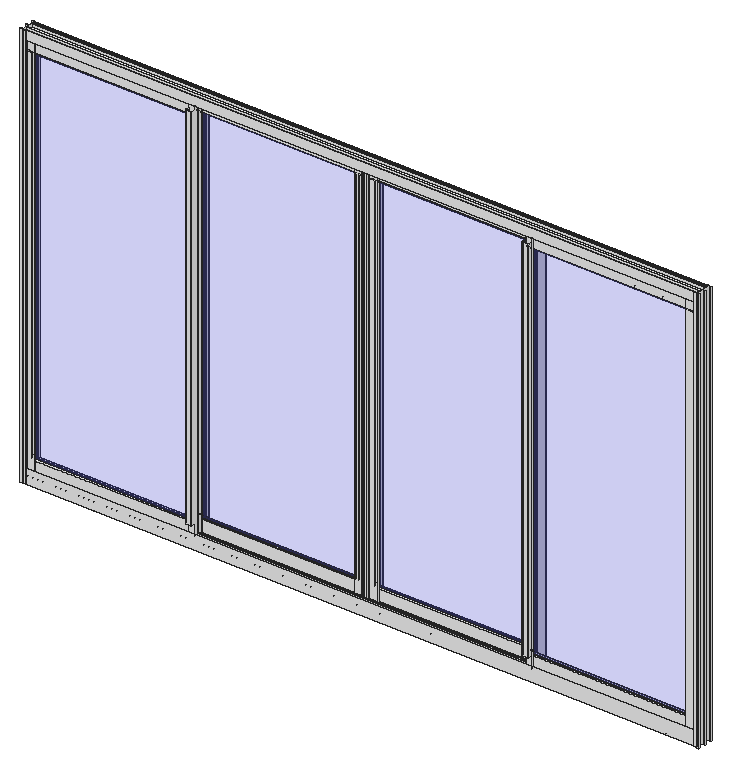
Revit family "Elite_XXXX_Standard", category Windows, host Wall, Revit 2014 (continued)
Definition of nested family "Elite_Sash_Outer"
  Definition of nested family "Elite_Lock_Stile"
    Forms (mm)
      Extrusion 3, void
        sketch origin (13, 14.5, 0) x (1, 0, 0) y (0, 0, 1)
          loop
            line (6.5, 250) -> (-6.5, 250) -> (-6.5, 224) -> (6.5, 224) -> (6.5, 250)
          loop
            line (6.5, 0) -> (6.5, 26) -> (-6.5, 26) -> (-6.5, 0) -> (6.5, 0)
        from 0 to 250
    Cuts and joins
      Extrusion 2, Extrusion 3 cuts Extrusion 1
    Dimensions and locks
      "Height Large Cut": Extrusion 2 sketch curve to Extrusion 2 sketch curve  (x2)
      "Height Rail Cut": Extrusion 3 sketch curve to Extrusion 3 sketch curve  (x2)
      "Width Rail Cut": Extrusion 3 sketch curve to Extrusion 3 sketch curve  (x2)
      "Side Gap Rail Cut": Extrusion 3 sketch curve to cut or joined group of Extrusion 1, Extrusion 2, Extrusion 3  (x2)
      aligned and locked: level to plane 2
      aligned and locked: Extrusion 1 to Extrusion 2 sketch curve  (x2)
      aligned and locked: Extrusion 2 sketch curve to Extrusion 1  (x4)
      aligned and locked: Extrusion 3 sketch curve to cut or joined group of Extrusion 1, Extrusion 2, Extrusion 3
      aligned and locked: cut or joined group of Extrusion 1, Extrusion 2, Extrusion 3 to Extrusion 3 sketch curve
    Automatic sketch dimensions
      Extrusion 1 sketch curve to plane 3 "Center (Left/Right)" = 0 mm
      plane 1 "Center (Front/Back)" to Extrusion 1 sketch curve = 0 mm  (x2)
      plane 3 "Center (Left/Right)" to Extrusion 1 sketch curve = 1.2 mm
      plane 3 "Center (Left/Right)" to Extrusion 1 sketch curve = 1.5 mm  (x2)
      Extrusion 1 sketch curve to Extrusion 1 sketch curve = 0 mm  (x4)
      Extrusion 1 sketch curve to Extrusion 1 sketch curve = 0.3 mm  (x2)
      Extrusion 1 sketch curve to Extrusion 1 sketch curve = 1.3 mm  (x2)
      Extrusion 1 sketch curve to Extrusion 1 sketch curve = 1 mm  (x4)
      Extrusion 1 sketch curve to Extrusion 1 sketch curve = 5 mm  (x4)
      Extrusion 1 sketch curve to Extrusion 1 sketch curve = 1.5 mm  (x6)
      Extrusion 1 sketch curve to plane 1 "Center (Front/Back)" = 2.4 mm
      Extrusion 1 sketch curve to Extrusion 1 sketch curve = 19 mm
      Extrusion 1 sketch curve to Extrusion 1 sketch curve = 2 mm
      Extrusion 1 sketch curve to Extrusion 1 sketch curve = 1.2 mm  (x6)
      Extrusion 1 sketch curve to plane 1 "Center (Front/Back)" = 1.2 mm  (x2)
      Extrusion 1 sketch curve to Extrusion 1 sketch curve = 5.2 mm  (x2)
      Extrusion 1 sketch curve to Extrusion 1 sketch curve = 3 mm
      Extrusion 1 sketch curve to Extrusion 1 sketch curve = 20 mm
      Extrusion 1 sketch curve to Extrusion 1 sketch curve = 7 mm  (x2)
      Extrusion 1 sketch curve to Extrusion 1 sketch curve = 4.5 mm  (x2)
      Extrusion 1 sketch curve to Extrusion 1 sketch curve = 0.8 mm  (x2)
  Definition of nested family "Elite_Interlocker"
    Parameters (values of type "Elite_Interlocker")
      Rail Cut Width = 13 mm  # constant formula
      Rail Cut Side Spacing = 5 mm  # constant formula
      Rail Cut Height = 26 mm  # constant formula
      Profile Material [instance] = none
      Length Interlocker [instance] = 250 mm
      Large Cut Height = 55 mm  # constant formula
    Reference planes
      plane 1 "Center (Front/Back)": y = 0
      plane 2: z = 0
      plane 3 "Center (Left/Right)": x = 0
    Forms (mm)
      Extrusion 1, solid, material <- "Profile Material"
        sketch origin (0, 0, 0) x (1, 0, 0) y (0, 1, 0)
          loop
            line (6.916, 36.467) -> (6.916, 6.667) -> (39.416, 6.667) -> (39.416, 9.551) -> (38.416, 9.551) -> (38.416, 8.167) -> (37.116, 8.167) -> (37.116, 9.551) -> (36.116, 9.551) -> (36.116, 8.167) -> (32.916, 8.167) -> (32.916, 15.167) -> (36.116, 15.167) -> (36.116, 13.78) -> (37.116, 13.78) -> (37.116, 15.167) -> (38.416, 15.167) -> (38.416, 13.78) -> (39.416, 13.78) -> (39.416, 25.167)
            arc (39.416, 25.167) -> (38.973, 25.663) -> (38.429, 25.28) r 0.5
            line (38.429, 25.28) -> (36.426, 16.667) -> (32.916, 16.667) -> (32.916, 36.467) -> (31.416, 36.467) -> (31.416, 35.667) -> (24.916, 35.667) -> (24.916, 29.667) -> (26.416, 29.667) -> (26.416, 34.167) -> (31.416, 34.167) -> (31.416, 22.667) -> (19.916, 22.667) -> (8.416, 22.667) -> (8.416, 34.167) -> (13.416, 34.167) -> (13.416, 29.667) -> (14.916, 29.667) -> (14.916, 35.667) -> (8.416, 35.667) -> (8.416, 36.467) -> (6.916, 36.467)
          loop
            line (8.416, 21.167) -> (8.416, 8.167) -> (31.416, 8.167) -> (31.416, 21.167) -> (19.916, 21.167) -> (8.416, 21.167)
        from 0 to 250 <- "Length Interlocker"
      Extrusion 2, void
        sketch origin (14.616, 35.667, 0) x (1, 0, 0) y (0, 0, 1)
          loop
            line (11.8, 250) -> (-1.2, 250) -> (-1.2, 224) -> (11.8, 224) -> (11.8, 250)
          loop
            line (-1.2, 0) -> (11.8, 0) -> (11.8, 26) -> (-1.2, 26) -> (-1.2, 0)
        from 0 to 250
      Extrusion 3, void
        sketch origin (31.316, 35.667, 0) x (1, 0, 0) y (0, 0, 1)
          loop
            line (0.1, 250) -> (-22.9, 250) -> (-22.9, 195) -> (0.1, 195) -> (0.1, 250)
          loop
            line (-22.9, 0) -> (0.1, 0) -> (0.1, 55) -> (-22.9, 55) -> (-22.9, 0)
        from 0 to 25
    Cuts and joins
      Extrusion 2, Extrusion 3 cuts Extrusion 1
    Dimensions and locks
      "Rail Cut Width": Extrusion 2 sketch curve to Extrusion 2 sketch curve  (x2)
      "Rail Cut Side Spacing": Extrusion 2 sketch curve to Extrusion 1  (x2)
      "Rail Cut Height": Extrusion 2 sketch curve to Extrusion 2 sketch curve  (x2)
      "Large Cut Height": Extrusion 3 sketch curve to Extrusion 3 sketch curve  (x2)
      aligned and locked: level to plane 2
      aligned and locked: Extrusion 1 to Extrusion 2 sketch curve  (x2)
      aligned and locked: Extrusion 3 sketch curve to cut or joined group of Extrusion 1, Extrusion 2, Extrusion 3  (x4)
      aligned and locked: cut or joined group of Extrusion 1, Extrusion 2, Extrusion 3 to Extrusion 3 sketch curve  (x2)
    Automatic sketch dimensions
      plane 3 "Center (Left/Right)" to Extrusion 1 sketch curve = 6.916 mm
      plane 3 "Center (Left/Right)" to Extrusion 1 sketch curve = 8.416 mm
      Extrusion 1 sketch curve to Extrusion 1 sketch curve = 1.5 mm  (x11)
      Extrusion 1 sketch curve to Extrusion 1 sketch curve = 0 mm  (x6)
      Extrusion 1 sketch curve to Extrusion 1 sketch curve = 5 mm  (x4)
      Extrusion 1 sketch curve to Extrusion 1 sketch curve = 3.2 mm  (x2)
      Extrusion 1 sketch curve to Extrusion 1 sketch curve = 0.31 mm
      Extrusion 1 sketch curve to Extrusion 1 sketch curve = 1 mm  (x4)
      Extrusion 1 sketch curve to Extrusion 1 sketch curve = 1.3 mm  (x2)
      Extrusion 1 sketch curve to Extrusion 1 sketch curve = 7.013 mm
      Extrusion 1 sketch curve to Extrusion 1 sketch curve = 0.487 mm
      Extrusion 1 sketch curve to plane 1 "Center (Front/Back)" = 6.667 mm
      Extrusion 1 sketch curve to Extrusion 1 sketch curve = 1.384 mm  (x2)
      Extrusion 1 sketch curve to Extrusion 1 sketch curve = 4.229 mm
      Extrusion 1 sketch curve to Extrusion 1 sketch curve = 1.387 mm  (x2)
      Extrusion 1 sketch curve to Extrusion 1 sketch curve = 13 mm
      Extrusion 1 sketch curve to Extrusion 1 sketch curve = 2.5 mm
      Extrusion 1 sketch curve to Extrusion 1 sketch curve = 7 mm  (x2)
      Extrusion 1 sketch curve to Extrusion 1 sketch curve = 4.5 mm  (x2)
      Extrusion 1 sketch curve to Extrusion 1 sketch curve = 0.8 mm  (x2)
  Definition of nested family "Elite_Sash_Top"
    Parameters (values of type "Elite_Sash_Top")
      Profile Material [instance] = none
      Length Sash Top [instance] = 250 mm
    Reference planes
      plane 1 "Center (Front/Back)": y = 0
      plane 2: z = 0
      plane 3 "Center (Left/Right)": x = 0
    Forms (mm)
      Extrusion 1, solid, material <- "Profile Material"
        sketch origin (0, -88.953, -123.01) x (0, 1, 0) y (0, 0, 1)
          loop
            line (92.953, 217.01) -> (95.303, 217.01) -> (95.303, 223.01) -> (93.853, 223.01) -> (93.853, 218.46) -> (92.953, 218.46)
            arc (92.953, 218.46) -> (91.15, 219.207) -> (90.403, 221.01) r 2.55
            line (90.403, 221.01) -> (90.403, 230.06) -> (110.203, 230.06) -> (110.203, 221.01)
            arc (110.203, 221.01) -> (109.456, 219.207) -> (107.653, 218.46) r 2.55
            line (107.653, 218.46) -> (106.753, 218.46) -> (106.753, 223.01) -> (105.303, 223.01) -> (105.303, 217.01) -> (107.653, 217.01)
            arc (107.653, 217.01) -> (110.482, 218.181) -> (111.653, 221.01) r 4
            line (111.653, 221.01) -> (111.653, 271.01) -> (107.403, 271.01) -> (107.403, 268.61) -> (108.603, 268.61) -> (108.603, 269.81) -> (110.203, 269.81) -> (110.203, 262.21) -> (108.603, 262.21) -> (108.603, 263.41) -> (107.403, 263.41) -> (107.403, 261.01) -> (110.203, 261.01) -> (110.203, 231.51) -> (90.403, 231.51) -> (90.403, 261.01) -> (93.203, 261.01) -> (93.203, 263.41) -> (92.003, 263.41) -> (92.003, 262.21) -> (90.403, 262.21) -> (90.403, 269.81) -> (92.003, 269.81) -> (92.003, 268.61) -> (93.203, 268.61) -> (93.203, 271.01) -> (88.953, 271.01) -> (88.953, 221.01)
            arc (88.953, 221.01) -> (90.125, 218.181) -> (92.953, 217.01) r 4
        from 0 to 250 <- "Length Sash Top"
    Dimensions and locks
      aligned and locked: level to plane 2
  Definition of nested family "Elite_Sash_Bottom"
    Parameters (values of type "Elite_Sash_Bottom")
      Profile Material [instance] = none
      Length Sash Bottom [instance] = 250 mm
    Reference planes
      plane 1 "Center (Front/Back)": y = 0
      plane 2: z = 0
      plane 3 "Center (Left/Right)": x = 0
    Forms (mm)
      Extrusion 1, solid, material <- "Profile Material"
        sketch origin (0, -88.953, -123.01) x (0, 1, 0) y (0, 0, 1)
          loop
            arc (92.953, 177.01) -> (90.125, 175.838) -> (88.953, 173.01) r 4
            line (88.953, 173.01) -> (88.953, 123.01) -> (93.203, 123.01) -> (93.203, 125.41) -> (92.003, 125.41) -> (92.003, 124.21) -> (90.403, 124.21) -> (90.403, 131.81) -> (92.003, 131.81) -> (92.003, 130.61) -> (93.203, 130.61) -> (93.203, 133.01) -> (90.403, 133.01) -> (90.403, 162.51) -> (110.203, 162.51) -> (110.203, 133.01) -> (107.403, 133.01) -> (107.403, 130.61) -> (108.603, 130.61) -> (108.603, 131.81) -> (110.203, 131.81) -> (110.203, 124.21) -> (108.603, 124.21) -> (108.603, 125.41) -> (107.403, 125.41) -> (107.403, 123.01) -> (111.653, 123.01) -> (111.653, 173.01)
            arc (111.653, 173.01) -> (110.482, 175.838) -> (107.653, 177.01) r 4
            line (107.653, 177.01) -> (105.303, 177.01) -> (105.303, 171.01) -> (106.753, 171.01) -> (106.753, 175.56) -> (107.653, 175.56)
            arc (107.653, 175.56) -> (109.456, 174.813) -> (110.203, 173.01) r 2.55
            line (110.203, 173.01) -> (110.203, 163.96) -> (90.403, 163.96) -> (90.403, 173.01)
            arc (90.403, 173.01) -> (91.15, 174.813) -> (92.953, 175.56) r 2.55
            line (92.953, 175.56) -> (93.853, 175.56) -> (93.853, 171.01) -> (95.303, 171.01) -> (95.303, 177.01) -> (92.953, 177.01)
        from 0 to 250 <- "Length Sash Bottom"
    Dimensions and locks
      aligned and locked: level to plane 2
  Definition of nested family "Elite_Heavy_Duty_Interlocker_Outside"
    Parameters (values of type "Elite_Heavy_Duty_Interlocker_Outside")
      Side Cut Width = 20 mm  # constant formula
      Side Cut Height Top = 26 mm  # constant formula
      Profile Material [instance] = none
      Length Heavy Duty Interlocker [instance] = 250 mm
      Large Cut Height = 55 mm  # constant formula
      Cut Width = 13 mm  # constant formula
      Cut Side Spacing = 5 mm  # constant formula
      Cut Height = 26 mm  # constant formula
    Reference planes
      plane 1 "Center (Front/Back)": y = 0
      plane 2: z = 0
      plane 3 "Center (Left/Right)": x = 0
    Forms (mm)
      Extrusion 1, solid, material <- "Profile Material"
        sketch origin (0, 0, 0) x (1, 0, 0) y (0, 1, 0)
          loop
            arc (4, 27.5) -> (2.232, 26.768) -> (1.5, 25) r 2.5
            line (1.5, 25) -> (1.5, 4)
            arc (1.5, 4) -> (2.232, 2.232) -> (4, 1.5) r 2.5
            line (4, 1.5) -> (20, 1.5) -> (20, 27.5) -> (4, 27.5)
          loop
            line (21.5, 14.5) -> (21.5, 1.5) -> (33, 1.5) -> (44.5, 1.5) -> (44.5, 14.5) -> (33, 14.5) -> (21.5, 14.5)
          loop
            line (46, 10) -> (46, 29.8) -> (44.5, 29.8) -> (44.5, 29) -> (38, 29) -> (38, 23) -> (39.5, 23) -> (39.5, 27.5) -> (44.5, 27.5) -> (44.5, 16) -> (33, 16) -> (21.5, 16) -> (21.5, 27.5) -> (26.5, 27.5) -> (26.5, 23) -> (28, 23) -> (28, 29) -> (21.5, 29) -> (21.5, 29.8) -> (20, 29.8) -> (20, 29) -> (4, 29)
            arc (4, 29) -> (1.172, 27.828) -> (0, 25) r 4
            line (0, 25) -> (0, 4)
            arc (0, 4) -> (1.172, 1.172) -> (4, 0) r 4
            line (4, 0) -> (52.5, 0) -> (52.5, 2.866) -> (51.5, 2.866) -> (51.5, 1.5) -> (50.2, 1.5) -> (50.2, 2.866) -> (49.2, 2.866) -> (49.2, 1.5) -> (46, 1.5) -> (46, 8.5) -> (49.2, 8.5) -> (49.2, 7.121) -> (50.2, 7.121) -> (50.2, 8.5) -> (51.5, 8.5) -> (51.5, 7.121) -> (52.5, 7.121) -> (52.5, 18.5)
            arc (52.5, 18.5) -> (52.057, 18.997) -> (51.513, 18.613) r 0.5
            line (51.513, 18.613) -> (49.51, 10) -> (46, 10)
        from 0 to 250 <- "Length Heavy Duty Interlocker"
      Extrusion 2, void
        sketch origin (44.4, 29, 0) x (1, 0, 0) y (0, 0, 1)
          loop
            line (-4.9, 250) -> (-17.9, 250) -> (-17.9, 224) -> (-4.9, 224) -> (-4.9, 250)
          loop
            line (-4.9, 0) -> (-4.9, 26) -> (-17.9, 26) -> (-17.9, 0) -> (-4.9, 0)
        from 0 to 250
      Extrusion 3, void
        sketch origin (44.4, 29, 0) x (1, 0, 0) y (0, 0, 1)
          loop
            line (0.1, 250) -> (-22.9, 250) -> (-22.9, 195) -> (0.1, 195) -> (0.1, 250)
          loop
            line (0.1, 0) -> (0.1, 55) -> (-22.9, 55) -> (-22.9, 0) -> (0.1, 0)
        from 0 to 25
      Extrusion 4, void
        sketch origin (19.7, 29, 0) x (1, 0, 0) y (0, 0, 1)
          loop
            line (0.3, 250) -> (-19.7, 250) -> (-19.7, 224) -> (0.3, 224) -> (0.3, 250)
        from 0 to 250
    Cuts and joins
      Extrusion 2, Extrusion 3, Extrusion 4 cuts Extrusion 1
    Dimensions and locks
      "Cut Width": Extrusion 2 sketch curve to Extrusion 2 sketch curve  (x2)
      "Cut Side Spacing": Extrusion 2 sketch curve to Extrusion 1  (x2)
      "Cut Height": Extrusion 2 sketch curve to Extrusion 2 sketch curve  (x2)
      "Large Cut Height": Extrusion 3 sketch curve to Extrusion 3 sketch curve  (x2)
      "Side Cut Width": Extrusion 4 sketch curve to Extrusion 4 sketch curve
      "Side Cut Height Top": Extrusion 4 sketch curve to Extrusion 4 sketch curve
      aligned and locked: level to plane 2
      aligned and locked: Extrusion 2 sketch curve to Extrusion 1
      aligned and locked: Extrusion 1 to Extrusion 2 sketch curve
      aligned and locked: cut or joined group of Extrusion 1, Extrusion 2, Extrusion 3, Extrusion 4 to Extrusion 3 sketch curve  (x2)
      aligned and locked: Extrusion 3 sketch curve to cut or joined group of Extrusion 1, Extrusion 2, Extrusion 3, Extrusion 4  (x4)
      aligned and locked: Extrusion 4 sketch curve to cut or joined group of Extrusion 1, Extrusion 2, Extrusion 3, Extrusion 4
      aligned and locked: cut or joined group of Extrusion 1, Extrusion 2, Extrusion 3, Extrusion 4 to Extrusion 4 sketch curve
    Automatic sketch dimensions
      Extrusion 1 sketch curve to Extrusion 1 sketch curve = 0 mm  (x11)
      Extrusion 1 sketch curve to plane 3 "Center (Left/Right)" = 0 mm
      plane 1 "Center (Front/Back)" to Extrusion 1 sketch curve = 0 mm
      plane 3 "Center (Left/Right)" to Extrusion 1 sketch curve = 1.5 mm
      Extrusion 1 sketch curve to Extrusion 1 sketch curve = 2.5 mm  (x3)
      Extrusion 1 sketch curve to Extrusion 1 sketch curve = 16 mm
      Extrusion 1 sketch curve to Extrusion 1 sketch curve = 1.5 mm  (x10)
      Extrusion 1 sketch curve to Extrusion 1 sketch curve = 5 mm  (x3)
      Extrusion 1 sketch curve to plane 1 "Center (Front/Back)" = 1.5 mm  (x3)
      Extrusion 1 sketch curve to Extrusion 1 sketch curve = 11.5 mm  (x2)
      Extrusion 1 sketch curve to Extrusion 1 sketch curve = 10 mm
      Extrusion 1 sketch curve to Extrusion 1 sketch curve = 3.2 mm  (x2)
      Extrusion 1 sketch curve to plane 1 "Center (Front/Back)" = 10 mm
      Extrusion 1 sketch curve to Extrusion 1 sketch curve = 0.31 mm
      Extrusion 1 sketch curve to Extrusion 1 sketch curve = 1 mm  (x4)
      Extrusion 1 sketch curve to Extrusion 1 sketch curve = 1.3 mm  (x2)
      Extrusion 1 sketch curve to Extrusion 1 sketch curve = 7.013 mm
      Extrusion 1 sketch curve to Extrusion 1 sketch curve = 0.487 mm
      Extrusion 1 sketch curve to Extrusion 1 sketch curve = 1.366 mm
      Extrusion 1 sketch curve to Extrusion 1 sketch curve = 2.879 mm
      Extrusion 1 sketch curve to Extrusion 1 sketch curve = 4.5 mm  (x3)
      Extrusion 1 sketch curve to Extrusion 1 sketch curve = 7 mm  (x2)
      Extrusion 1 sketch curve to Extrusion 1 sketch curve = 9 mm
      Extrusion 1 sketch curve to Extrusion 1 sketch curve = 0.8 mm  (x2)
Definition of nested family "Elite_Meeting_Stile_Adaptor"
  Parameters (values of type "Elite_Meeting_Stile_Adaptor")
    Profile Material [instance] = none
    Middle Cut Width = 13 mm  # constant formula
    Middle Cut Height = 26 mm  # constant formula
    Length Meeting Stile Adaptor [instance] = 250 mm
    Left Spacing = 21.7 mm - 15 mm  # 6.7 mm
    Egde Top Cut = 26 mm  # constant formula
    Edge Bottom Cut = 50 mm  # constant formula
  Reference planes
    plane 1 "Center (Front/Back)": y = 0
    plane 2: z = 0
    plane 3 "Center (Left/Right)": x = 0
  Forms (mm)
    Extrusion 1, solid, material <- "Profile Material"
      sketch origin (0, 0, 0) x (1, 0, 0) y (0, 1, 0)
        loop
          arc (2.2, 4.6) -> (3.079, 2.479) -> (5.2, 1.6) r 3
          line (5.2, 1.6) -> (13.2, 1.6) -> (13.2, 18.4) -> (5.2, 18.4)
          arc (5.2, 18.4) -> (3.079, 17.521) -> (2.2, 15.4) r 3
          line (2.2, 15.4) -> (2.2, 4.6)
        loop
          arc (51.1, 1.6) -> (53.221, 2.479) -> (54.1, 4.6) r 3
          line (54.1, 4.6) -> (54.1, 15.4)
          arc (54.1, 15.4) -> (53.221, 17.521) -> (51.1, 18.4) r 3
          line (51.1, 18.4) -> (43.1, 18.4) -> (43.1, 1.6) -> (51.1, 1.6)
        loop
          line (20.9, 16.047) -> (23.399, 23.545) -> (22.082, 23.545) -> (19.665, 16.296) -> (19.649, 10.75) -> (15, 10.75) -> (15, 20) -> (5, 20)
          arc (5, 20) -> (1.464, 18.536) -> (0, 15) r 5
          line (0, 15) -> (0, 5)
          arc (0, 5) -> (1.464, 1.464) -> (5, 0) r 5
          line (5, 0) -> (15, 0) -> (15, 9.25) -> (41.3, 9.25) -> (41.3, 0) -> (51.3, 0)
          arc (51.3, 0) -> (54.836, 1.464) -> (56.3, 5) r 5
          line (56.3, 5) -> (56.3, 15)
          arc (56.3, 15) -> (54.836, 18.536) -> (51.3, 20) r 5
          line (51.3, 20) -> (41.3, 20) -> (41.3, 10.75) -> (36.65, 10.75) -> (36.65, 16.201) -> (34.218, 23.545) -> (32.901, 23.545) -> (35.4, 16.047) -> (35.4, 10.75) -> (20.9, 10.75) -> (20.9, 16.047)
      from 0 to 250 <- "Length Meeting Stile Adaptor"
    Extrusion 2, void
      sketch origin (14.4, 20, 0) x (1, 0, 0) y (0, 0, 1)
        loop
          line (20.2, 250) -> (7.2, 250) -> (7.2, 224) -> (20.2, 224) -> (20.2, 250)
        loop
          line (7.2, 0) -> (20.2, 0) -> (20.2, 26) -> (7.2, 26) -> (7.2, 0)
        loop
          line (0.6, 250) -> (-14.4, 250) -> (-14.4, 224) -> (0.6, 224) -> (0.6, 250)
      from -50 to 50
  Cuts and joins
    Extrusion 2 cuts Extrusion 1
  Dimensions and locks
    "Left Spacing": Extrusion 2 sketch curve to Extrusion 1  (x2)
    "Middle Cut Width": Extrusion 2 sketch curve to Extrusion 2 sketch curve  (x2)
    "Middle Cut Height": Extrusion 2 sketch curve to Extrusion 2 sketch curve  (x2)
    "Egde Top Cut": Extrusion 2 sketch curve to Extrusion 2 sketch curve
    aligned and locked: level to plane 2
    aligned and locked: Extrusion 2 sketch curve to Extrusion 1  (x4)
    aligned and locked: plane 3 "Center (Left/Right)" to Extrusion 2 sketch curve
  Automatic sketch dimensions
    Extrusion 1 sketch curve to plane 3 "Center (Left/Right)" = 0 mm
    plane 1 "Center (Front/Back)" to Extrusion 1 sketch curve = 0 mm  (x2)
    plane 3 "Center (Left/Right)" to Extrusion 1 sketch curve = 2.2 mm
    plane 3 "Center (Left/Right)" to Extrusion 1 sketch curve = 5 mm
    Extrusion 1 sketch curve to Extrusion 1 sketch curve = 2.8 mm  (x2)
    Extrusion 1 sketch curve to Extrusion 1 sketch curve = 0.2 mm  (x4)
    Extrusion 1 sketch curve to Extrusion 1 sketch curve = 8 mm  (x3)
    Extrusion 1 sketch curve to Extrusion 1 sketch curve = 1.8 mm  (x3)
    Extrusion 1 sketch curve to Extrusion 1 sketch curve = 4.649 mm
    Extrusion 1 sketch curve to Extrusion 1 sketch curve = 0.016 mm
    Extrusion 1 sketch curve to Extrusion 1 sketch curve = 1.251 mm
    Extrusion 1 sketch curve to Extrusion 1 sketch curve = 1.182 mm  (x2)
    Extrusion 1 sketch curve to Extrusion 1 sketch curve = 1.318 mm  (x2)
    Extrusion 1 sketch curve to Extrusion 1 sketch curve = 9.502 mm
    Extrusion 1 sketch curve to Extrusion 1 sketch curve = 1.25 mm
    Extrusion 1 sketch curve to Extrusion 1 sketch curve = 4.65 mm
    Extrusion 1 sketch curve to Extrusion 1 sketch curve = 0 mm  (x2)
    Extrusion 1 sketch curve to plane 1 "Center (Front/Back)" = 1.6 mm  (x2)
    Extrusion 1 sketch curve to Extrusion 1 sketch curve = 2.2 mm
    Extrusion 1 sketch curve to Extrusion 1 sketch curve = 7.65 mm
    Extrusion 1 sketch curve to Extrusion 1 sketch curve = 1.5 mm  (x2)
    Extrusion 1 sketch curve to Extrusion 1 sketch curve = 10 mm  (x2)
    Extrusion 1 sketch curve to Extrusion 1 sketch curve = 0.4 mm  (x2)
    Extrusion 1 sketch curve to Extrusion 1 sketch curve = 5.297 mm  (x2)
    Extrusion 1 sketch curve to Extrusion 1 sketch curve = 0.154 mm
    Extrusion 1 sketch curve to Extrusion 1 sketch curve = 0.249 mm
    Extrusion 1 sketch curve to Extrusion 1 sketch curve = 7.498 mm  (x2)
Types (43, lengths in mm): name | Windload Design | Width Sash Side | Width Sash Middle | Sash Width Middle | Sash Width Sides | Sash Height | Overall Width | Overall Height | Outside Heavy Duty Interlocker | Max Pane Area | Limit Window Width Max | Limit Window Height Max | Limit Sash Width Side Max | Interlocker Configuration | Height Sash | Height | Inside Heavy Duty Interlocker | Width | Custom Window Width | Custom Window Height | Custom Windload | Area Middle Sash Glazing | Area Side Sash Glazing
  (no name) | 1000 | 755.75 | 755.75 | 755.75 | 755.75 | 1707 | 2990 | 1790 | yes | 1.12041 m² | 2990 | 1883 | 1211.55 | 2 | 1707 | 1790 | yes | 2990 | 2990 | 1790 | 1000 | 1.12041 m² | 1.12041 m²
  XXXX_Custom | 1000 | 605.75 | 605.75 | 605.75 | 605.75 | 507 | 2390 | 590 | no | 0.225656 m² | 2990 | 1883 | 911.55 | 0 | 507 | 590 | no | 2390 | 2390 | 590 | 1000 | 0.225656 m² | 0.225656 m²
  Elite-2406XXXX-1000Pa | 1000 | 605.75 | 605.75 | 605.75 | 605.75 | 507 | 2390 | 590 | no | 0.225656 m² | 2990 | 1883 | 911.55 | 0 | 507 | 590 | no | 2390 | 2390 | 590 | 1000 | 0.225656 m² | 0.225656 m²
  Elite-2406XXXX-1500Pa | 1500 | 605.75 | 605.75 | 605.75 | 605.75 | 507 | 2390 | 590 | no | 0.225656 m² | 2990 | 1883 | 911.55 | 0 | 507 | 590 | no | 2390 | 2390 | 590 | 1500 | 0.225656 m² | 0.225656 m²
  Elite-2406XXXX-2000Pa | 2000 | 605.75 | 605.75 | 605.75 | 605.75 | 507 | 2390 | 590 | no | 0.225656 m² | 2990 | 1490 | 911.55 | 0 | 507 | 590 | no | 2390 | 2390 | 590 | 2000 | 0.225656 m² | 0.225656 m²
  Elite-2706XXXX-1000Pa | 1000 | 605.75 | 605.75 | 680.75 | 680.75 | 507 | 2390 | 590 | no | 0.256781 m² | 2990 | 1883 | 1061.55 | 0 | 507 | 590 | no | 2690 | 2690 | 590 | 1000 | 0.256781 m² | 0.256781 m²
  Elite-2706XXXX-1500Pa | 1500 | 605.75 | 605.75 | 680.75 | 680.75 | 507 | 2390 | 590 | no | 0.256781 m² | 2990 | 1883 | 1061.55 | 0 | 507 | 590 | no | 2690 | 2690 | 590 | 1500 | 0.256781 m² | 0.256781 m²
  Elite-2706XXXX-2000Pa | 2000 | 605.75 | 605.75 | 680.75 | 680.75 | 507 | 2390 | 590 | no | 0.256781 m² | 2990 | 1490 | 1061.55 | 0 | 507 | 590 | no | 2690 | 2690 | 590 | 2000 | 0.256781 m² | 0.256781 m²
  Elite-3006XXXX-1000Pa | 1000 | 605.75 | 605.75 | 755.75 | 755.75 | 507 | 2390 | 590 | no | 0.287906 m² | 2990 | 1883 | 1211.55 | 0 | 507 | 590 | no | 2990 | 2990 | 590 | 1000 | 0.287906 m² | 0.287906 m²
  Elite-3006XXXX-1500Pa | 1500 | 605.75 | 605.75 | 755.75 | 755.75 | 507 | 2390 | 590 | no | 0.287906 m² | 2990 | 1883 | 1211.55 | 0 | 507 | 590 | no | 2990 | 2990 | 590 | 1500 | 0.287906 m² | 0.287906 m²
  Elite-3006XXXX-2000Pa | 2000 | 605.75 | 605.75 | 755.75 | 755.75 | 507 | 2390 | 590 | no | 0.287906 m² | 2990 | 1490 | 1211.55 | 0 | 507 | 590 | no | 2990 | 2990 | 590 | 2000 | 0.287906 m² | 0.287906 m²
  Elite-2409XXXX-1000Pa | 1000 | 605.75 | 605.75 | 605.75 | 605.75 | 807 | 2390 | 590 | no | 0.388781 m² | 2990 | 1883 | 911.55 | 0 | 507 | 890 | no | 2390 | 2390 | 890 | 1000 | 0.388781 m² | 0.388781 m²
  Elite-2409XXXX-1500Pa | 1500 | 605.75 | 605.75 | 605.75 | 605.75 | 807 | 2390 | 590 | no | 0.388781 m² | 2990 | 1883 | 911.55 | 0 | 507 | 890 | no | 2390 | 2390 | 890 | 1500 | 0.388781 m² | 0.388781 m²
  Elite-2409XXXX-2000Pa | 2000 | 605.75 | 605.75 | 605.75 | 605.75 | 807 | 2390 | 590 | no | 0.388781 m² | 2990 | 1490 | 911.55 | 0 | 507 | 890 | no | 2390 | 2390 | 890 | 2000 | 0.388781 m² | 0.388781 m²
  Elite-2709XXXX-1000Pa | 1000 | 605.75 | 605.75 | 680.75 | 680.75 | 807 | 2390 | 590 | no | 0.442406 m² | 2990 | 1883 | 1061.55 | 0 | 507 | 890 | no | 2690 | 2690 | 890 | 1000 | 0.442406 m² | 0.442406 m²
  Elite-2709XXXX-1500Pa | 1500 | 605.75 | 605.75 | 680.75 | 680.75 | 807 | 2390 | 590 | no | 0.442406 m² | 2990 | 1883 | 1061.55 | 0 | 507 | 890 | no | 2690 | 2690 | 890 | 1500 | 0.442406 m² | 0.442406 m²
  Elite-2709XXXX-2000Pa | 2000 | 605.75 | 605.75 | 680.75 | 680.75 | 807 | 2390 | 590 | no | 0.442406 m² | 2990 | 1490 | 1061.55 | 0 | 507 | 890 | no | 2690 | 2690 | 890 | 2000 | 0.442406 m² | 0.442406 m²
  Elite-3009XXXX-1000Pa | 1000 | 605.75 | 605.75 | 755.75 | 755.75 | 807 | 2390 | 590 | no | 0.496031 m² | 2990 | 1883 | 1211.55 | 0 | 507 | 890 | no | 2990 | 2990 | 890 | 1000 | 0.496031 m² | 0.496031 m²
  Elite-3009XXXX-1500Pa | 1500 | 605.75 | 605.75 | 755.75 | 755.75 | 807 | 2390 | 590 | no | 0.496031 m² | 2990 | 1883 | 1211.55 | 0 | 507 | 890 | no | 2990 | 2990 | 890 | 1500 | 0.496031 m² | 0.496031 m²
  Elite-3009XXXX-2000Pa | 2000 | 605.75 | 605.75 | 755.75 | 755.75 | 807 | 2390 | 590 | no | 0.496031 m² | 2990 | 1490 | 1211.55 | 0 | 507 | 890 | no | 2990 | 2990 | 890 | 2000 | 0.496031 m² | 0.496031 m²
  Elite-2412XXXX-1000Pa | 1000 | 605.75 | 605.75 | 605.75 | 605.75 | 1107 | 2390 | 590 | no | 0.551906 m² | 2990 | 1883 | 911.55 | 0 | 507 | 1190 | no | 2390 | 2390 | 1190 | 1000 | 0.551906 m² | 0.551906 m²
  Elite-2412XXXX-1500Pa | 1500 | 605.75 | 605.75 | 605.75 | 605.75 | 1107 | 2390 | 590 | no | 0.551906 m² | 2990 | 1883 | 911.55 | 0 | 507 | 1190 | no | 2390 | 2390 | 1190 | 1500 | 0.551906 m² | 0.551906 m²
  Elite-2412XXXX-2000Pa | 2000 | 605.75 | 605.75 | 605.75 | 605.75 | 1107 | 2390 | 590 | no | 0.551906 m² | 2990 | 1490 | 911.55 | 1 | 507 | 1190 | yes | 2390 | 2390 | 1190 | 2000 | 0.551906 m² | 0.551906 m²
  Elite-2712XXXX-1000Pa | 1000 | 605.75 | 605.75 | 680.75 | 680.75 | 1107 | 2390 | 590 | no | 0.628031 m² | 2990 | 1883 | 1061.55 | 0 | 507 | 1190 | no | 2690 | 2690 | 1190 | 1000 | 0.628031 m² | 0.628031 m²
  Elite-2712XXXX-1500Pa | 1500 | 605.75 | 605.75 | 680.75 | 680.75 | 1107 | 2390 | 590 | no | 0.628031 m² | 2990 | 1883 | 1061.55 | 0 | 507 | 1190 | no | 2690 | 2690 | 1190 | 1500 | 0.628031 m² | 0.628031 m²
  Elite-2712XXXX-2000Pa | 2000 | 605.75 | 605.75 | 680.75 | 680.75 | 1107 | 2390 | 590 | no | 0.628031 m² | 2990 | 1490 | 1061.55 | 1 | 507 | 1190 | yes | 2690 | 2690 | 1190 | 2000 | 0.628031 m² | 0.628031 m²
  Elite-3012XXXX-1000Pa | 1000 | 605.75 | 605.75 | 755.75 | 755.75 | 1107 | 2390 | 590 | no | 0.704156 m² | 2990 | 1883 | 1211.55 | 0 | 507 | 1190 | no | 2990 | 2990 | 1190 | 1000 | 0.704156 m² | 0.704156 m²
  Elite-3012XXXX-1500Pa | 1500 | 605.75 | 605.75 | 755.75 | 755.75 | 1107 | 2390 | 590 | no | 0.704156 m² | 2990 | 1883 | 1211.55 | 1 | 507 | 1190 | yes | 2990 | 2990 | 1190 | 1500 | 0.704156 m² | 0.704156 m²
  Elite-3012XXXX-2000Pa | 2000 | 605.75 | 605.75 | 755.75 | 755.75 | 1107 | 2390 | 590 | no | 0.704156 m² | 2990 | 1490 | 1211.55 | 1 | 507 | 1190 | yes | 2990 | 2990 | 1190 | 2000 | 0.704156 m² | 0.704156 m²
  Elite-2415XXXX-1000Pa | 1000 | 605.75 | 605.75 | 605.75 | 605.75 | 1407 | 2390 | 590 | no | 0.715031 m² | 2990 | 1883 | 911.55 | 1 | 507 | 1490 | yes | 2390 | 2390 | 1490 | 1000 | 0.715031 m² | 0.715031 m²
  Elite-2415XXXX-1500Pa | 1500 | 605.75 | 605.75 | 605.75 | 605.75 | 1407 | 2390 | 590 | no | 0.715031 m² | 2990 | 1883 | 911.55 | 1 | 507 | 1490 | yes | 2390 | 2390 | 1490 | 1500 | 0.715031 m² | 0.715031 m²
  Elite-2415XXXX-2000Pa | 2000 | 605.75 | 605.75 | 605.75 | 605.75 | 1407 | 2390 | 590 | no | 0.715031 m² | 2990 | 1490 | 911.55 | 1 | 507 | 1490 | yes | 2390 | 2390 | 1490 | 2000 | 0.715031 m² | 0.715031 m²
  Elite-2715XXXX-1000Pa | 1000 | 605.75 | 605.75 | 680.75 | 680.75 | 1407 | 2390 | 590 | no | 0.813656 m² | 2990 | 1883 | 1061.55 | 1 | 507 | 1490 | yes | 2690 | 2690 | 1490 | 1000 | 0.813656 m² | 0.813656 m²
  Elite-2715XXXX-1500Pa | 1500 | 605.75 | 605.75 | 680.75 | 680.75 | 1407 | 2390 | 590 | no | 0.813656 m² | 2990 | 1883 | 1061.55 | 1 | 507 | 1490 | yes | 2690 | 2690 | 1490 | 1500 | 0.813656 m² | 0.813656 m²
  Elite-2715XXXX-2000Pa | 2000 | 605.75 | 605.75 | 680.75 | 680.75 | 1407 | 2390 | 590 | yes | 0.813656 m² | 2990 | 1490 | 1061.55 | 2 | 507 | 1490 | yes | 2690 | 2690 | 1490 | 2000 | 0.813656 m² | 0.813656 m²
  Elite-3015XXXX-1000Pa | 1000 | 605.75 | 605.75 | 755.75 | 755.75 | 1407 | 2390 | 590 | no | 0.912281 m² | 2990 | 1883 | 1211.55 | 1 | 507 | 1490 | yes | 2990 | 2990 | 1490 | 1000 | 0.912281 m² | 0.912281 m²
  Elite-3015XXXX-1500Pa | 1500 | 605.75 | 605.75 | 755.75 | 755.75 | 1407 | 2390 | 590 | no | 0.912281 m² | 2990 | 1883 | 1211.55 | 1 | 507 | 1490 | yes | 2990 | 2990 | 1490 | 1500 | 0.912281 m² | 0.912281 m²
  Elite-3015XXXX-2000Pa | 2000 | 755.75 | 755.75 | 755.75 | 755.75 | 1407 | 2990 | 1490 | yes | 0.912281 m² | 2990 | 1490 | 1211.55 | 2 | 1407 | 1490 | yes | 2990 | 2990 | 1490 | 2000 | 0.912281 m² | 0.912281 m²
  Elite-2418XXXX-1000Pa | 1000 | 755.75 | 755.75 | 605.75 | 605.75 | 1707 | 2990 | 1490 | no | 0.878156 m² | 2990 | 1883 | 911.55 | 1 | 1407 | 1790 | yes | 2390 | 2390 | 1790 | 1000 | 0.878156 m² | 0.878156 m²
  Elite-2418XXXX-1500Pa | 1500 | 755.75 | 755.75 | 605.75 | 605.75 | 1707 | 2990 | 1490 | yes | 0.878156 m² | 2690 | 1883 | 911.55 | 2 | 1407 | 1790 | yes | 2390 | 2390 | 1790 | 1500 | 0.878156 m² | 0.878156 m²
  Elite-2718XXXX-1000Pa | 1000 | 755.75 | 755.75 | 680.75 | 680.75 | 1707 | 2990 | 1490 | yes | 0.999281 m² | 2990 | 1883 | 1061.55 | 2 | 1407 | 1790 | yes | 2690 | 2690 | 1790 | 1000 | 0.999281 m² | 0.999281 m²
  Elite-2718XXXX-1500Pa | 1500 | 755.75 | 755.75 | 680.75 | 680.75 | 1707 | 2990 | 1490 | yes | 0.999281 m² | 2690 | 1883 | 1061.55 | 2 | 1407 | 1790 | yes | 2690 | 2690 | 1790 | 1500 | 0.999281 m² | 0.999281 m²
  Elite-3018XXXX-1000Pa | 1000 | 755.75 | 755.75 | 755.75 | 755.75 | 1707 | 2990 | 1790 | yes | 1.12041 m² | 2990 | 1883 | 1211.55 | 2 | 1707 | 1790 | yes | 2990 | 2990 | 1790 | 1000 | 1.12041 m² | 1.12041 m²
